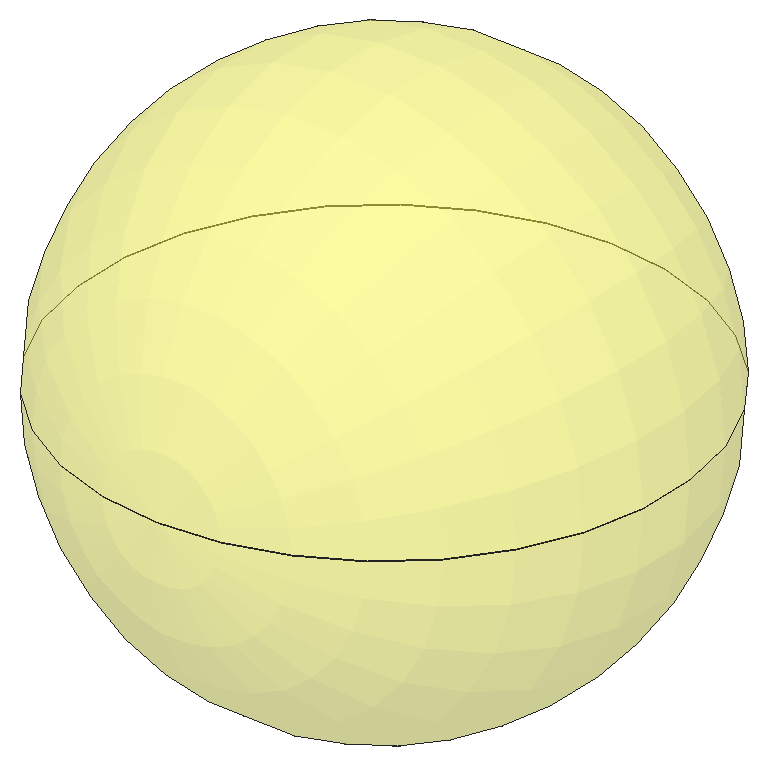
Revit family "ClashPoint", category Обобщенные модели, Revit 2024
Family settings
  Может служить основой для арматурных стержней = Нет
  Размер круглого соединителя = Использовать диаметр
  Тип детали = Нормальный
  На основе рабочей плоскости = Нет
  Всегда вертикально = Да
  При загрузке вырезать с полостями = Нет
  Сохранять ориентацию аннотаций = Нет
  Общий = Нет
  Точка принадлежности помещению = Нет
Parameters (values of type "ClashPoint")
  Отметка по умолчанию = 0 mm
  Комментарии к типоразмеру = "ClashPoint"  # constant formula
  Ключевая пометка = "SYS"  # constant formula
  Модель = "NavisWorks"  # constant formula
Reference planes
  plane 1 "По центру (Вперед/Назад)": y = 0
  plane 2: z = 0
  plane 3 "По центру (Влево/Вправо)": x = 0
Forms (mm)
  Revolve 1, solid, material "NavisWorks_ClashObject"
    sketch origin (0, 0, 0) x (1, 0, 0) y (0, 1, 0)
      loop
        arc (0, 500) -> (-500, 0) -> (0, -500) r 500
        line (0, -500) -> (0, 500)
      axis (0, 500) -> (0, -500)
    angle from 0 to 360
Lines and regions (mm)
  model lines, style "NavisWorks_ClashPoint"
    curve 1: circle (0, 0, 0) r 500 normal (0, 0, 1)
    curve 2: circle (0, 0, 0) r 500 normal (0, -1, 0)
    curve 3: circle (0, 0, 0) r 500 normal (1, 0, 0)
    curve 4: line (0, -750, 0) -> (0, 750, 0)
    curve 5: line (-750, 0, 0) -> (750, 0, 0)
    curve 6: line (0, 0, -750) -> (0, 0, 750)
Dimensions and locks
  aligned and locked: level to plane 2
